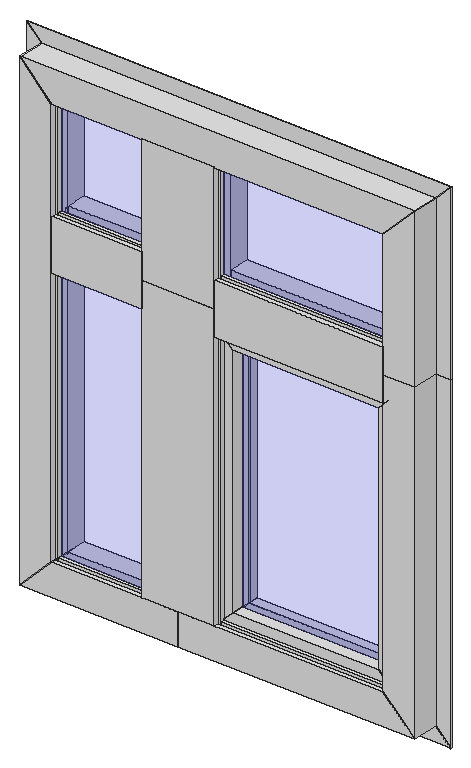
Revit family "511_CP-UT_nailfin", category Windows, host Wall, Revit 2016
Family settings
  Host = Wall
  OmniClass Number = 23.30.20.00
  OmniClass Title = Windows
  Always vertical = Yes
  Cut with Voids When Loaded = No
  Shared = No
  Room Calculation Point = No
Parameters (values of type "30x36")
  VBS = 18"
  MLW4 = 1 / 8 * (Width - VBS)  # 1 1/2"
  MLW3 = 1 / 8 * HBS  # 1 1/2"
  MLW2 = 3.281"
  MLW1 = 2.842"
  MLH = 1 / 2 * (Height - HBS)  # 12"
  Interior Color [instance] = White
  Height = 36"
  HBS = 12"
  Exterior Color [instance] = White
  Default Sill Height = 31.49606"
  Wall Closure = By host
  Width = 30"
  CH [instance] = 24"
Reference planes (in)
  plane 1 "Center (Front/Back)": y = 0
  plane 2 "Center (Left/Right)": x = 0
  plane 3 "Left": x = -15
  plane 4 "Right": x = 15
  plane 5 "Sill": z = 31.49606
  plane 6 "Head": z = 67.49606
  plane 7 "Exterior": y = 3.93701
  plane 8 "Interior": y = -3.93701
  plane 9 "Front of wall": y = 3.93701
  plane 10 "HBS": z = 55.49606
  plane 11 "VBS": x = -3
  plane 12: x = -12.939
  plane 13: z = 53.87406
  plane 14: x = -12.938
  plane 15: x = -5.436
  plane 16: x = -0.562
  plane 17: x = 12.959
  plane 18: z = 34.27706
  plane 19: z = 53.15406
  plane 20: z = 57.11806
  plane 21: z = 65.43306
  plane 22: x = 0.12688
  plane 23: x = -6.12112
  plane 24: x = 12.2515
  plane 25: x = -12.2505
  plane 26: x = 0.62788
  plane 27: x = 11.7505
  plane 28: z = 57.12006
  plane 29: z = 53.87306
  plane 30: z = 33.55906
  plane 31 "Front of glass": y = 4.19401
Forms (in)
  Extrusion 1, solid, material "White" <- "Interior Color"
    sketch origin (0, 0, 67.49606) x (0, -1, 0) y (1, 0, 0)
      loop
        line (-1.88701, -0.24662) -> (-2.26201, -0.24662) -> (-2.26201, -0.05862) -> (-2.56201, -0.05862) -> (-2.56201, 0.62788) -> (-3.44951, 0.62788) -> (-3.44951, 0.12688) -> (-4.19401, 0.12688) -> (-4.19401, 0.59018) -> (-4.23201, 0.56588) -> (-4.97201, 0.56588) -> (-4.97201, 0.00288) -> (-5.01201, 0.00288) -> (-5.01201, -2.00073) -> (-5.38701, -2.05343) -> (-5.38701, -3.94657) -> (-4.78995, -4.01972) -> (-4.78995, -5.93697) -> (-3.25701, -5.93697) -> (-3.25701, -5.436) -> (-2.51251, -5.436) -> (-2.51251, -5.93697) -> (-2.26201, -5.93697) -> (-2.26201, -5.74688) -> (-1.88701, -5.74688) -> (-1.88701, -0.24662)
    from -12 to -36
  Extrusion 2, solid, material "White" <- "Interior Color"
    sketch origin (0, 0, 67.49606) x (0, -1, 0) y (1, 0, 0)
      loop
        line (-5.10865, 14.98) -> (-5.26201, 14.98) -> (-5.26201, 15.02) -> (-5.38701, 15.02) -> (-5.38701, 14.43181) -> (-5.01201, 14.37911) -> (-5.01201, 12.3755) -> (-4.97201, 12.34787) -> (-4.97201, 11.8125) -> (-4.23201, 11.8125) -> (-4.19401, 11.7882) -> (-4.19401, 12.2515) -> (-3.44951, 12.2515) -> (-3.44951, 11.7505) -> (-2.56201, 11.7505) -> (-2.56201, 12.437) -> (-2.26201, 12.437) -> (-2.26201, 12.625) -> (-1.88701, 12.625) -> (-1.88701, 15) -> (-3.93701, 15) -> (-3.93701, 16.125) -> (-4.01201, 16.125) -> (-4.01201, 15) -> (-5.07401, 15) -> (-5.10865, 14.98)
    from -37.125 to -12
  Sweep 3, void
    path in 3D
      loop
        line (13.17075, 10.88071, 67.49606) -> (13.17075, 3.93701, 67.49606)
    profile origin (13.17075, 7.40886, 67.49606) x (1, 0, 0) y (0, 0, 1)
      loop
        line (3.54739, 1.71815) -> (1.17713, -0.65211) -> (1.17713, -4.53185) -> (3.54739, -4.53185) -> (3.54739, 1.71815)
  Sweep 4, void
    path in 3D
      loop
        line (13.17075, 10.88071, 67.49606) -> (13.17075, 3.93701, 67.49606)
    profile origin (13.17075, 7.40886, 67.49606) x (1, 0, 0) y (0, 0, 1)
      loop
        line (3.40665, 1.5774) -> (-2.70261, 1.5774) -> (-2.70261, -2.56621) -> (1.17713, -2.56621) -> (1.17713, -0.65211) -> (3.40665, 1.5774)
  Sweep 5, void
    path in 3D
      loop
        line (-4.37003, 11.0544, 67.49606) -> (-4.37003, 3.93701, 67.49606)
    profile origin (-4.37003, 7.4957, 67.49606) x (1, 0, 0) y (0, 0, 1)
      loop
        line (5.19525, -2.56621) -> (5.19525, 2.90913) -> (-2.93212, 2.90913) -> (-2.93212, -2.56621) -> (0.34293, -2.56621) -> (0.34293, -0.56819) -> (2.39713, -0.56819) -> (2.39713, -2.56621) -> (5.19525, -2.56621)
  Sweep 6, void
    path in 3D
      loop
        line (-10.97699, 10.03798, 67.49606) -> (-10.97699, 3.93701, 67.49606)
    profile origin (-10.97699, 6.98749, 67.49606) x (1, 0, 0) y (0, 0, 1)
      loop
        line (-6, 1.97699) -> (-3.37089, -0.65211) -> (-3.37089, -2.56621) -> (0, -2.56621) -> (0, 1.97699) -> (-6, 1.97699)
  Sweep 7, void
    path in 3D
      loop
        line (-10.97699, 10.03798, 67.49606) -> (-10.97699, 3.93701, 67.49606)
    profile origin (-10.97699, 6.98749, 67.49606) x (1, 0, 0) y (0, 0, 1)
      loop
        line (-5.69826, 1.67525) -> (-5.69826, -3.82475) -> (-3.37089, -3.82475) -> (-3.37089, -0.65211) -> (-5.69826, 1.67525)
  Sweep 8, void
    path in 3D
      loop
        line (-10.22699, 10.03798, 31.49606) -> (-10.22699, 3.93701, 31.49606)
    profile origin (-10.22699, 6.98749, 31.49606) x (1, 0, 0) y (0, 0, 1)
      loop
        line (-7.19826, -2.42525) -> (-0.94826, -2.42525) -> (-0.94826, 2.56621) -> (-4.12091, 2.56621) -> (-4.12091, 0.6521) -> (-7.19826, -2.42525)
  Sweep 9, void
    path in 3D
      loop
        line (-10.22699, 10.03798, 31.49606) -> (-10.22699, 3.93701, 31.49606)
    profile origin (-10.22699, 6.98749, 31.49606) x (1, 0, 0) y (0, 0, 1)
      loop
        line (-7.12503, -2.35203) -> (-4.12091, 0.6521) -> (-4.12091, 3.64797) -> (-7.12503, 3.64797) -> (-7.12503, -2.35203)
  Sweep 10, void
    path in 3D
      loop
        line (13.73886, 10.73342, 31.49606) -> (13.73886, 3.93701, 31.49606)
    profile origin (13.73886, 7.33521, 31.49606) x (1, 0, 0) y (0, 0, 1)
      loop
        line (-2.17869, 3.43969) -> (-2.17869, -2.56031) -> (3.82131, -2.56031) -> (-2.17869, 3.43969)
  Sweep 11, void
    path in 3D
      loop
        line (13.73886, 10.73342, 31.49606) -> (13.73886, 3.93701, 31.49606)
    profile origin (13.73886, 7.33521, 31.49606) x (1, 0, 0) y (0, 0, 1)
      loop
        line (-2.239, 3.5) -> (3.1142, -1.8532) -> (3.1142, 3.5) -> (-2.239, 3.5)
  Sweep 12, void
    path in 3D
      loop
        line (14.01239, 10.60718, 55.49606) -> (14.01239, 3.93701, 55.49606)
    profile origin (14.01239, 7.27209, 55.49606) x (1, 0, 0) y (0, 0, 1)
      loop
        line (0.41942, 0.13119) -> (0.33551, 0.2151) -> (0.33551, 2.12735) -> (-2.89836, 2.12735) -> (-2.89836, -3.47847) -> (0.36672, -0.21339) -> (0.36672, -0.14043) -> (0.41942, -0.14043) -> (0.41942, 0.13119)
  Extrusion 13, void
    sketch origin (0, 3.93701, 0) x (1, 0, 0) y (0, 0, 1)
      loop
        line (-11.42787, 58.6627) -> (-17.65239, 58.6627) -> (-17.65239, 52.31006) -> (-11.4065, 52.31006) -> (-12.437, 53.34056) -> (-12.437, 53.56006) -> (-12.625, 53.56006) -> (-12.625, 57.43406) -> (-12.437, 57.43406) -> (-12.437, 57.65356) -> (-11.42787, 58.6627)
    from 0 to 12
  Extrusion 14, void
    sketch origin (0, 3.93701, 0) x (1, 0, 0) y (0, 0, 1)
      loop
        line (-7.05331, 58.77225) -> (-5.93462, 57.65356) -> (-5.93462, 57.43406) -> (-5.74662, 57.43406) -> (-5.74662, 53.56006) -> (-5.938, 53.56006) -> (-5.938, 53.33718) -> (-7.21512, 52.06006) -> (1.22188, 52.06006) -> (-0.06065, 53.34259) -> (-0.06065, 53.56006) -> (-0.25, 53.56006) -> (-0.25, 57.43406) -> (-0.05862, 57.43406) -> (-0.05862, 57.65356) -> (1.06007, 58.77225) -> (-7.05331, 58.77225)
    from 0 to 12
  Extrusion 15, void
    sketch origin (0, 3.93701, 0) x (1, 0, 0) y (0, 0, 1)
      loop
        line (0.8907, 52.39125) -> (0.8907, 54.09259) -> (-0.06065, 54.09259) -> (-0.06065, 53.34259) -> (0.8907, 52.39125)
    from 0 to 12
  Extrusion 16, void
    sketch origin (0, 3.93701, 0) x (1, 0, 0) y (0, 0, 1)
      loop
        line (12.437, 58.18406) -> (12.437, 57.43406) -> (12.625, 57.43406) -> (12.625, 53.56006) -> (12.437, 53.56006) -> (12.437, 53.34056) -> (11.4065, 52.31006) -> (16.44231, 52.31006) -> (16.44231, 58.18406) -> (12.437, 58.18406)
    from 0 to 12
  Extrusion 17, void
    sketch origin (0, 3.93701, 0) x (1, 0, 0) y (0, 0, 1)
      loop
        line (10.687, 51.59056) -> (12.437, 53.34056) -> (12.437, 54.19666) -> (10.687, 54.19666) -> (10.687, 51.59056)
    from 0 to 12
  Extrusion 18, void
    sketch origin (0, 3.93701, 0) x (1, 0, 0) y (0, 0, 1)
      loop
        line (-6.87098, 65.12106) -> (0.94138, 65.12106) -> (0.94138, 68.84856) -> (-6.87098, 68.84856) -> (-6.87098, 65.12106)
    from 0 to 12
  Extrusion 19, void
    sketch origin (0, 3.93701, 0) x (1, 0, 0) y (0, 0, 1)
      loop
        line (1.35902, 63.48392) -> (-0.05865, 64.90159) -> (-0.05865, 65.12106) -> (-5.93935, 65.12106) -> (-5.93935, 63.48392) -> (1.35902, 63.48392)
    from 0 to 12
  Extrusion 20, void
    sketch origin (0, 3.93701, 0) x (1, 0, 0) y (0, 0, 1)
      loop
        line (-5.938, 34.09394) -> (-5.938, 33.87106) -> (-0.062, 33.87106) -> (-0.062, 34.08718) -> (1.20232, 35.35151) -> (-7.19557, 35.35151) -> (-5.938, 34.09394)
    from 0 to 12
  Extrusion 21, void
    sketch origin (0, 3.93701, 0) x (1, 0, 0) y (0, 0, 1)
      loop
        line (-7.188, 29.62106) -> (0.938, 29.62106) -> (0.938, 35.08718) -> (-0.062, 34.08718) -> (-0.062, 33.87106) -> (-7.188, 33.87106) -> (-7.188, 29.62106)
    from 0 to 12
  Extrusion 22, void
    sketch origin (0, 3.93701, 0) x (1, 0, 0) y (0, 0, 1)
      loop
        line (12.43365, 33.87106) -> (12.625, 33.87106) -> (18.04893, 28.44714) -> (18.04893, 35.73265) -> (10.79492, 35.73265) -> (12.43365, 34.09392) -> (12.43365, 33.87106)
    from 0 to 12
  Extrusion 23, void
    sketch origin (0, 3.93701, 0) x (1, 0, 0) y (0, 0, 1)
      loop
        line (18.75, 27.74606) -> (12.625, 33.87106) -> (12.43365, 33.87106) -> (12.43365, 34.09392) -> (11.21079, 35.31678) -> (11.21079, 27.74606) -> (18.75, 27.74606)
    from 0 to 12
  Extrusion 24, void
    sketch origin (0, 3.93701, 0) x (1, 0, 0) y (0, 0, 1)
      loop
        line (-12.437, 34.09056) -> (-11.19362, 35.33394) -> (-16.41616, 35.33394) -> (-16.41616, 30.0799) -> (-12.625, 33.87106) -> (-12.437, 33.87106) -> (-12.437, 34.09056)
    from 0 to 12
  Extrusion 25, void
    sketch origin (0, 3.93701, 0) x (1, 0, 0) y (0, 0, 1)
      loop
        line (-12.437, 33.87106) -> (-12.625, 33.87106) -> (-17.25, 29.24606) -> (-11.437, 29.24606) -> (-11.437, 35.09056) -> (-12.437, 34.09056) -> (-12.437, 33.87106)
    from 0 to 12
  Extrusion 26, void
    sketch origin (0, 3.93701, 0) x (1, 0, 0) y (0, 0, 1)
      loop
        line (-11.32161, 63.78617) -> (-12.437, 64.90156) -> (-12.437, 65.12106) -> (-12.625, 65.12106) -> (-17.52619, 70.02225) -> (-17.52619, 63.78617) -> (-11.32161, 63.78617)
    from 0 to 12
  Extrusion 27, void
    sketch origin (0, 3.93701, 0) x (1, 0, 0) y (0, 0, 1)
      loop
        line (-11.55698, 64.02154) -> (-11.55698, 69.84689) -> (-17.35083, 69.84689) -> (-12.625, 65.12106) -> (-12.437, 65.12106) -> (-12.437, 64.90156) -> (-11.55698, 64.02154)
    from 0 to 12
  Extrusion 28, void
    sketch origin (0, 3.93701, 0) x (1, 0, 0) y (0, 0, 1)
      loop
        line (11.33848, 63.80304) -> (18.01951, 63.80304) -> (18.01951, 70.51557) -> (12.625, 65.12106) -> (12.437, 65.12106) -> (12.437, 64.90156) -> (11.33848, 63.80304)
    from 0 to 12
  Extrusion 29, void
    sketch origin (0, 3.93701, 0) x (1, 0, 0) y (0, 0, 1)
      loop
        line (11.35412, 63.81868) -> (12.43565, 64.90021) -> (12.43565, 65.12106) -> (12.625, 65.12106) -> (17.53276, 70.02882) -> (11.35412, 70.02882) -> (11.35412, 63.81868)
    from 0 to 12
  Sweep 30, void
    path in 3D
      loop
        line (14.01239, 10.60718, 55.49606) -> (14.01239, 3.93701, 55.49606)
    profile origin (14.01239, 7.27209, 55.49606) x (1, 0, 0) y (0, 0, 1)
      loop
        line (-3.00651, -3.58662) -> (2.96457, -3.58662) -> (2.96457, 2.72308) -> (0.41942, 2.72308) -> (0.41942, -0.14134) -> (0.36672, -0.21339) -> (-3.00651, -3.58662)
  Sweep 31, void
    path in 3D
      loop
        line (-1.52951, 10.57046, 55.49606) -> (-1.52951, 3.93701, 55.49606)
    profile origin (-1.52951, 7.25373, 55.49606) x (1, 0, 0) y (0, 0, 1)
      loop
        line (2.32785, -3.01246) -> (2.32785, 2.12735) -> (-0.44339, 2.12735) -> (-0.44339, 0.2151) -> (-0.5273, 0.13119) -> (-0.5273, -0.14043) -> (-0.44339, -0.14043) -> (-0.44339, -0.24122) -> (2.32785, -3.01246)
  Sweep 32, void
    path in 3D
      loop
        line (-1.52951, 10.57046, 55.49606) -> (-1.52951, 3.93701, 55.49606)
    profile origin (-1.52951, 7.25373, 55.49606) x (1, 0, 0) y (0, 0, 1)
      loop
        line (-6.02599, -3.77638) -> (3.09177, -3.77638) -> (-0.44339, -0.24122) -> (-0.44339, -0.18189) -> (-0.52392, -0.13257) -> (-2.41706, -0.13257) -> (-2.49759, -0.2131) -> (-2.49759, -0.24798) -> (-6.02599, -3.77638)
  Sweep 33, void
    path in 3D
      loop
        line (-1.52951, 10.57046, 55.49606) -> (-1.52951, 3.93701, 55.49606)
    profile origin (-1.52951, 7.25373, 55.49606) x (1, 0, 0) y (0, 0, 1)
      loop
        line (-2.41368, 0.16607) -> (-2.49759, 0.2151) -> (-2.49759, 2.12735) -> (-5.82246, 2.12735) -> (-5.82246, -2.12721) -> (-2.49759, -2.12721) -> (-2.49759, -0.14043) -> (-2.41368, -0.14043) -> (-2.41368, 0.16607)
  Sweep 34, void
    path in 3D
      loop
        line (-9.47699, 10.03798, 55.49606) -> (-9.47699, 3.93701, 55.49606)
    profile origin (-9.47699, 6.98749, 55.49606) x (1, 0, 0) y (0, 0, 1)
      loop
        line (-4.95482, 0.13119) -> (-4.95482, -0.21411) -> (-4.87091, -0.21411) -> (-4.87091, -2.124) -> (-1.90211, -2.124) -> (-1.90211, 2.12735) -> (-4.87091, 2.12735) -> (-4.87091, 0.2151) -> (-4.95482, 0.13119)
  Sweep 35, void
    path in 3D
      loop
        line (-9.47699, 10.03798, 55.49606) -> (-9.47699, 3.93701, 55.49606)
    profile origin (-9.47699, 6.98749, 55.49606) x (1, 0, 0) y (0, 0, 1)
      loop
        line (-6.90211, -3.21339) -> (-5.15211, -3.21339) -> (-5.15211, 2.94078) -> (-6.90211, 2.94078) -> (-6.90211, -3.21339)
  Sweep 36, void
    path in 3D
      loop
        line (-2.26594, 10.75983, 31.49606) -> (-2.26594, 3.93701, 31.49606)
    profile origin (-2.26594, 7.34842, 31.49606) x (1, 0, 0) y (0, 0, 1)
      loop
        line (3.21251, -2.28495) -> (3.21251, 3.59969) -> (0.21251, 0.59969) -> (0.21251, 0.56819) -> (-1.75378, 0.56819) -> (-1.75378, 2.56621) -> (-4.93149, 2.56621) -> (-4.93149, -2.28495) -> (3.21251, -2.28495)
  Extrusion 37, solid, material "White" <- "Interior Color"
    sketch origin (0, 0, 67.49606) x (0, -1, 0) y (1, 0, 0)
      loop
        line (-5.1169, -14.98) -> (-5.07401, -15) -> (-4.01201, -15) -> (-4.01201, -16.125) -> (-3.93701, -16.125) -> (-3.93701, -15) -> (-1.88701, -15) -> (-1.88701, -12.625) -> (-2.26201, -12.625) -> (-2.26201, -12.437) -> (-2.51251, -12.437) -> (-2.51251, -12.938) -> (-3.25701, -12.938) -> (-3.25701, -12.437) -> (-4.78995, -12.437) -> (-4.78995, -14.3479) -> (-5.38701, -14.43181) -> (-5.38701, -15.02) -> (-5.26201, -15.02) -> (-5.26201, -14.98) -> (-5.1169, -14.98)
    from 1.125 to -37.125
  Extrusion 38, solid, material "White" <- "Interior Color"
    sketch origin (0, 0, 115.49606) x (0, -1, 0) y (1, 0, 0)
      loop
        line (-4.78995, -1.9729) -> (-5.38701, -2.05681) -> (-5.38701, -3.94319) -> (-4.78995, -4.0271) -> (-4.78995, -5.93935) -> (-3.25701, -5.93935) -> (-3.25701, -5.436) -> (-2.51251, -5.436) -> (-2.51251, -5.93935) -> (-2.26201, -5.93935) -> (-2.26201, -5.75) -> (-1.88701, -5.75) -> (-1.88701, -0.25) -> (-2.26201, -0.25) -> (-2.26201, -0.062) -> (-2.51251, -0.062) -> (-2.51251, -0.562) -> (-3.25701, -0.562) -> (-3.25701, -0.05865) -> (-4.78995, -0.05865) -> (-4.78995, -1.9729)
    from -48 to -60
  Extrusion 39, solid, material "White" <- "Interior Color"
    sketch origin (0, 0, 67.49606) x (0, -1, 0) y (1, 0, 0)
      loop
        line (-5.10257, 14.98) -> (-5.26201, 14.98) -> (-5.26201, 15.02) -> (-5.38701, 15.02) -> (-5.38701, 14.43181) -> (-4.78995, 14.3479) -> (-4.78995, 12.43565) -> (-3.25701, 12.43565) -> (-3.25701, 12.939) -> (-2.51251, 12.939) -> (-2.51251, 12.43565) -> (-2.26201, 12.43565) -> (-2.26201, 12.625) -> (-1.88701, 12.625) -> (-1.88701, 15) -> (-3.93701, 15) -> (-3.93701, 16.125) -> (-4.01201, 16.125) -> (-4.01201, 15) -> (-5.07401, 15) -> (-5.10257, 14.98)
    from 1.125 to -12
  Extrusion 40, solid, material "White" <- "Interior Color"
    sketch origin (0, 0, 0) x (0, 1, 0) y (0, 0, 1)
      loop
        line (5.10257, 31.51606) -> (5.26201, 31.51606) -> (5.26201, 31.47606) -> (5.38701, 31.47606) -> (5.38701, 32.06425) -> (5.01201, 32.11684) -> (5.01201, 34.15206) -> (4.97201, 34.15206) -> (4.97201, 34.71516) -> (4.23197, 34.71516) -> (4.19401, 34.73939) -> (4.19401, 34.27706) -> (3.44951, 34.27706) -> (3.44951, 34.77706) -> (2.56201, 34.77706) -> (2.56201, 34.05906) -> (2.26201, 34.05906) -> (2.26201, 33.87106) -> (1.88701, 33.87106) -> (1.88701, 31.49606) -> (3.93701, 31.49606) -> (3.93701, 30.37106) -> (4.01201, 30.37106) -> (4.01201, 31.49606) -> (5.07401, 31.49606) -> (5.10257, 31.51606)
    from 16.125 to -3
  Extrusion 41, solid, material "White" <- "Interior Color"
    sketch origin (0, 0, 0) x (0, 1, 0) y (0, 0, 1)
      loop
        line (1.88701, 53.56006) -> (2.26201, 53.56006) -> (2.26201, 53.37206) -> (2.56201, 53.37206) -> (2.56201, 52.65406) -> (3.44951, 52.65406) -> (3.44951, 53.15406) -> (4.19401, 53.15406) -> (4.19401, 52.69177) -> (4.23201, 52.71606) -> (4.97201, 52.71606) -> (4.97201, 53.27906) -> (5.01201, 53.27906) -> (5.01201, 55.31417) -> (5.30701, 55.35563) -> (5.30701, 55.6365) -> (4.78995, 55.71116) -> (4.78995, 57.62342) -> (3.25701, 57.62342) -> (3.25701, 57.11806) -> (2.51251, 57.11806) -> (2.51251, 57.62206) -> (2.26201, 57.62206) -> (2.26201, 57.43406) -> (1.88701, 57.43406) -> (1.88701, 53.56006)
    from 15 to -3
  Extrusion 42, solid, material "White" <- "Interior Color"
    sketch origin (0, 0, 0) x (0, 1, 0) y (0, 0, 1)
      loop
        line (5.10865, 67.47606) -> (5.07401, 67.49606) -> (4.01201, 67.49606) -> (4.01201, 68.62106) -> (3.93701, 68.62106) -> (3.93701, 67.49606) -> (1.88701, 67.49606) -> (1.88701, 65.12106) -> (2.26201, 65.12106) -> (2.26201, 64.93306) -> (2.51251, 64.93306) -> (2.51251, 65.43306) -> (3.25701, 65.43306) -> (3.25701, 64.92985) -> (4.78987, 64.92985) -> (4.78987, 66.84395) -> (5.38701, 66.92787) -> (5.38701, 67.51606) -> (5.26201, 67.51606) -> (5.26201, 67.47606) -> (5.10865, 67.47606)
    from -16.125 to 16.125
  Sweep 43, void
    path in 3D
      loop
        line (-2.26594, 10.75983, 31.49606) -> (-2.26594, 3.93701, 31.49606)
    profile origin (-2.26594, 7.34842, 31.49606) x (1, 0, 0) y (0, 0, 1)
      loop
        line (-5.14147, 4.06729) -> (-1.68063, 0.60645) -> (0.21927, 0.60645) -> (3.68011, 4.06729) -> (-5.14147, 4.06729)
  Extrusion 44, solid, material "Glass"
    sketch origin (0, 0, 0) x (0, 1, 0) y (0, 0, 1)
      loop
        line (3.25701, 65.43306) -> (2.51251, 65.43306) -> (2.51251, 57.11806) -> (3.25701, 57.11806) -> (3.25701, 65.43306)
    from -12.938 to -5.436
  Extrusion 45, solid, material "Glass"
    sketch origin (0, 0, 0) x (0, 1, 0) y (0, 0, 1)
      loop
        line (4.19401, 34.27706) -> (4.19401, 53.15406) -> (3.44951, 53.15406) -> (3.44951, 34.27706) -> (4.19401, 34.27706)
    from 12.2515 to 0.12688
  Extrusion 46, solid, material "Glass"
    sketch origin (0, 0, 0) x (0, 1, 0) y (0, 0, 1)
      loop
        line (3.25701, 57.11806) -> (3.25701, 65.43306) -> (2.51251, 65.43306) -> (2.51251, 57.11806) -> (3.25701, 57.11806)
    from 12.959 to -0.562
  Extrusion 47, solid, material "Glass"
    sketch origin (0, 0, 31.49606) x (0, -1, 0) y (1, 0, 0)
      loop
        line (-3.25701, -5.436) -> (-3.25701, -12.938) -> (-2.51251, -12.938) -> (-2.51251, -5.436) -> (-3.25701, -5.436)
    from 2.063 to 22.377
  Extrusion 48, solid, material "White" <- "Interior Color"
    sketch origin (-3, 0, 0) x (0, 0, 1) y (0, 1, 0)
      loop
        line (53.55906, 2.26197) -> (53.55906, 1.88697) -> (57.43306, 1.88697) -> (57.43306, 2.26197) -> (57.62106, 2.26197) -> (57.62006, 2.51247) -> (57.12006, 2.51247) -> (57.12006, 3.25697) -> (57.62285, 3.25697) -> (57.62285, 4.78995) -> (55.71017, 4.78995) -> (55.6375, 5.30697) -> (55.35463, 5.30697) -> (55.28195, 4.78984) -> (53.36885, 4.78984) -> (53.36885, 3.25697) -> (53.87306, 3.25697) -> (53.87306, 2.51247) -> (53.37206, 2.51247) -> (53.37206, 2.26197) -> (53.55906, 2.26197)
    from 0 to 12
  Extrusion 49, solid, material "White" <- "Interior Color"
    sketch origin (-3, 0, 0) x (0, 0, 1) y (0, 1, 0)
      loop
        line (31.51606, 5.10865) -> (31.49606, 5.07401) -> (31.49606, 4.01201) -> (30.37106, 4.01201) -> (30.37106, 3.93701) -> (31.49606, 3.93701) -> (31.49606, 1.88701) -> (33.87106, 1.88701) -> (33.87106, 2.26201) -> (34.05906, 2.26201) -> (34.05906, 2.51251) -> (33.55906, 2.51251) -> (33.55906, 3.25701) -> (34.06228, 3.25701) -> (34.06228, 4.78987) -> (32.14817, 4.78987) -> (32.06425, 5.38701) -> (31.47606, 5.38701) -> (31.47606, 5.26201) -> (31.51606, 5.26201) -> (31.51606, 5.10865)
    from 0 to 13.125
Cuts and joins
  Sweep 4, Sweep 10, Sweep 12, Extrusion 17, Extrusion 23, Extrusion 29 cuts Extrusion 2
  Sweep 5, Extrusion 15, Extrusion 18, Extrusion 21, Sweep 31, Sweep 33, Sweep 36 cuts Extrusion 1
  Sweep 3, Sweep 7, Extrusion 19, Extrusion 26, Extrusion 28 cuts Extrusion 42
  Sweep 6, Sweep 8, Extrusion 25, Extrusion 27, Sweep 34 cuts Extrusion 37
  Sweep 4, Sweep 12, Extrusion 29 cuts Extrusion 39
  Sweep 9, Sweep 11, Extrusion 20, Extrusion 22, Extrusion 24, Sweep 43 cuts Extrusion 40
  Extrusion 13, Extrusion 14, Extrusion 16, Sweep 30, Sweep 32, Sweep 35 cuts Extrusion 41
  Sweep 5, Extrusion 18, Sweep 31, Sweep 33 cuts Extrusion 38
  Extrusion 13, Extrusion 14, Sweep 35 cuts Extrusion 48
  Sweep 9, Extrusion 20, Extrusion 24 cuts Extrusion 49
Lines and regions (in)
  Opening 1
    outline origin (137.79528, -3.93701, 0) x (1, 0, 0) y (0, 0, 1)
      loop
        line (-122.79528, 31.49606) -> (-122.79528, 67.49606) -> (-152.79528, 67.49606) -> (-152.79528, 31.49606) -> (-122.79528, 31.49606)
  reference lines
    curve 1: line (-10.97699, 10.03798, 67.49606) -> (-10.97699, 3.93701, 67.49606)
    curve 2: line (-10.22699, 10.03798, 31.49606) -> (-10.22699, 3.93701, 31.49606)
    curve 3: line (-9.47699, 10.03798, 55.49606) -> (-9.47699, 3.93701, 55.49606)
    curve 4: line (-4.37003, 11.0544, 67.49606) -> (-4.37003, 3.93701, 67.49606)
    curve 5: line (-2.26594, 10.75983, 31.49606) -> (-2.26594, 3.93701, 31.49606)
    curve 6: line (-1.52951, 10.57046, 55.49606) -> (-1.52951, 3.93701, 55.49606)
    curve 7: line (13.17075, 10.88071, 67.49606) -> (13.17075, 3.93701, 67.49606)
    curve 8: line (13.73886, 10.73342, 31.49606) -> (13.73886, 3.93701, 31.49606)
    curve 9: line (14.01239, 10.60718, 55.49606) -> (14.01239, 3.93701, 55.49606)
    curve 28: line (0.62788, 3.93701, 34.77706) -> (11.7505, 3.93701, 43.49606)
    curve 29: line (11.7505, 3.93701, 43.49606) -> (0.62788, 3.93701, 52.65406)
    curve 32: line (-6.5, 3.93701, 63.99606) -> (-11.5, 3.93701, 63.99606)
    curve 33: line (-6.5, 3.93701, 58.99606) -> (-6.5, 3.93701, 63.99606)
    curve 34: line (-11.5, 3.93701, 58.99606) -> (-6.5, 3.93701, 58.99606)
    curve 35: line (-11.5, 3.93701, 63.99606) -> (-11.5, 3.93701, 58.99606)
    curve 39: line (-9, 3.93701, 58.99606) -> (-9, 3.93701, 65.49606)
    curve 40: line (-6.5, 3.93701, 61.49606) -> (-14, 3.93701, 61.49606)
    curve 41: line (-6.5, 3.93701, 45.99606) -> (-11.5, 3.93701, 45.99606)
    curve 42: line (-6.5, 3.93701, 40.99606) -> (-6.5, 3.93701, 45.99606)
    curve 43: line (-11.5, 3.93701, 40.99606) -> (-6.5, 3.93701, 40.99606)
    curve 44: line (-11.5, 3.93701, 45.99606) -> (-11.5, 3.93701, 40.99606)
    curve 48: line (-9, 3.93701, 40.99606) -> (-9, 3.93701, 47.49606)
    curve 49: line (-6.5, 3.93701, 43.49606) -> (-14, 3.93701, 43.49606)
    curve 50: line (8.5, 3.93701, 63.99606) -> (3.5, 3.93701, 63.99606)
    curve 51: line (8.5, 3.93701, 58.99606) -> (8.5, 3.93701, 63.99606)
    curve 52: line (3.5, 3.93701, 58.99606) -> (8.5, 3.93701, 58.99606)
    curve 53: line (3.5, 3.93701, 63.99606) -> (3.5, 3.93701, 58.99606)
    curve 57: line (6, 3.93701, 58.99606) -> (6, 3.93701, 65.49606)
    curve 58: line (8.5, 3.93701, 61.49606) -> (1, 3.93701, 61.49606)
  sketch lines
    curve 10: line (13.17075, 10.88071, 67.49606) -> (13.17075, 3.93701, 67.49606)
    curve 11: line (13.17075, 10.88071, 67.49606) -> (13.17075, 3.93701, 67.49606)
    curve 12: line (-4.37003, 11.0544, 67.49606) -> (-4.37003, 3.93701, 67.49606)
    curve 13: line (-10.97699, 10.03798, 67.49606) -> (-10.97699, 3.93701, 67.49606)
    curve 14: line (-10.97699, 10.03798, 67.49606) -> (-10.97699, 3.93701, 67.49606)
    curve 15: line (-10.22699, 10.03798, 31.49606) -> (-10.22699, 3.93701, 31.49606)
    curve 16: line (-10.22699, 10.03798, 31.49606) -> (-10.22699, 3.93701, 31.49606)
    curve 17: line (13.73886, 10.73342, 31.49606) -> (13.73886, 3.93701, 31.49606)
    curve 18: line (13.73886, 10.73342, 31.49606) -> (13.73886, 3.93701, 31.49606)
    curve 19: line (14.01239, 10.60718, 55.49606) -> (14.01239, 3.93701, 55.49606)
    curve 20: line (14.01239, 10.60718, 55.49606) -> (14.01239, 3.93701, 55.49606)
    curve 21: line (-1.52951, 10.57046, 55.49606) -> (-1.52951, 3.93701, 55.49606)
    curve 22: line (-1.52951, 10.57046, 55.49606) -> (-1.52951, 3.93701, 55.49606)
    curve 23: line (-1.52951, 10.57046, 55.49606) -> (-1.52951, 3.93701, 55.49606)
    curve 24: line (-9.47699, 10.03798, 55.49606) -> (-9.47699, 3.93701, 55.49606)
    curve 25: line (-9.47699, 10.03798, 55.49606) -> (-9.47699, 3.93701, 55.49606)
    curve 26: line (-2.26594, 10.75983, 31.49606) -> (-2.26594, 3.93701, 31.49606)
    curve 27: line (-2.26594, 10.75983, 31.49606) -> (-2.26594, 3.93701, 31.49606)
  model lines
    curve 30: line (0.62788, 4.19401, 52.65406) -> (11.7505, 4.19401, 43.49606)
    curve 31: line (11.7505, 4.19401, 43.49606) -> (0.69796, 4.19401, 34.832)
    curve 36: line (-6.5, 3.93701, 63.99606) -> (-11.5, 3.93701, 58.99606)
    curve 37: line (-11.5, 3.93701, 61.49606) -> (-9, 3.93701, 63.99606)
    curve 38: line (-9, 3.93701, 58.99606) -> (-6.5, 3.93701, 61.49606)
    curve 45: line (-6.5, 3.93701, 45.99606) -> (-11.5, 3.93701, 40.99606)
    curve 46: line (-11.5, 3.93701, 43.49606) -> (-9, 3.93701, 45.99606)
    curve 47: line (-9, 3.93701, 40.99606) -> (-6.5, 3.93701, 43.49606)
    curve 54: line (8.5, 3.93701, 63.99606) -> (3.5, 3.93701, 58.99606)
    curve 55: line (3.5, 3.93701, 61.49606) -> (6, 3.93701, 63.99606)
    curve 56: line (6, 3.93701, 58.99606) -> (8.5, 3.93701, 61.49606)
Text (in)
  text "EXTERIOR" at (-77.29147, 52.45485, 0), in view "Ref. Level"
  text "INTERIOR" at (-78.01048, -32.21994, 0), in view "Ref. Level"
  text "Exterior" at (0, 36.36817, 115.8778), in view "Right"
  text "Exterior" at (0, 40.96394, 105.72475), in view "Left"
Dimensions and locks (in)
  equal spacing: plane 3 "Left", plane 2 "Center (Left/Right)", plane 4 "Right"
  "Width": plane 3 "Left" to plane 4 "Right"
  "Height": plane 5 "Sill" to plane 6 "Head"
  "Default Sill Height": plane 5 "Sill" to level
  locked: plane 7 "Exterior" to host wall at 0
  locked: plane 8 "Interior" to host wall
  "HBS": plane 10 "HBS" to plane 6 "Head"
  "VBS": plane 11 "VBS" to plane 4 "Right"
  locked: plane 11 "VBS" to Extrusion 1 sketch curve at 2.75338
  equal spacing: Extrusion 1 sketch curve, plane 11 "VBS", Extrusion 1 sketch curve
  locked: Extrusion 2 sketch curve to plane 9 "Front of wall" at 2.05
  locked: plane 4 "Right" to Extrusion 2 sketch curve at 1.125
  locked: Extrusion 2 sketch curve to Extrusion 2 sketch curve at 2.375
  locked: plane 3 "Left" to plane 12 at 2.061
  locked: plane 10 "HBS" to plane 13 at 1.622
  locked: plane 3 "Left" to Extrusion 37 sketch curve at 1.125
  locked: Extrusion 37 sketch curve to plane 9 "Front of wall" at 2.05
  locked: Extrusion 37 sketch curve to Extrusion 37 sketch curve at 2.375
  locked: Extrusion 38 sketch curve to plane 9 "Front of wall" at 2.05
  equal spacing: Extrusion 38 sketch curve, plane 11 "VBS", Extrusion 38 sketch curve
  locked: plane 11 "VBS" to Extrusion 38 sketch curve at 2.75
  locked: Extrusion 38 sketch curve to plane 11 "VBS" at 2.75
  locked: Extrusion 39 sketch curve to plane 4 "Right" at 1.125
  locked: Extrusion 39 sketch curve to plane 9 "Front of wall" at 2.05
  locked: Extrusion 39 sketch curve to Extrusion 39 sketch curve at 2.375
  locked: plane 21 to plane 6 "Head" at 2.063
  locked: plane 10 "HBS" to plane 20 at 1.622
  locked: plane 10 "HBS" to plane 19 at 2.342
  locked: plane 9 "Front of wall" to Extrusion 40 sketch curve at 2.05
  locked: Extrusion 40 sketch curve to Extrusion 40 sketch curve at 2.375
  locked: Extrusion 40 sketch curve to plane 5 "Sill" at 1.125
  locked: plane 9 "Front of wall" to Extrusion 41 sketch curve at 2.05
  locked: Extrusion 41 sketch curve to plane 10 "HBS" at 1.938
  locked: plane 10 "HBS" to Extrusion 41 sketch curve at 1.936
  equal spacing: Extrusion 41 sketch curve, plane 10 "HBS", Extrusion 41 sketch curve
  locked: plane 6 "Head" to Extrusion 42 sketch curve at 1.125
  locked: plane 9 "Front of wall" to Extrusion 42 sketch curve at 2.05
  locked: Extrusion 42 sketch curve to Extrusion 42 sketch curve at 2.375
  locked: plane 11 "VBS" to plane 16 at 2.438
  locked: plane 15 to plane 11 "VBS" at 2.436
  locked: plane 3 "Left" to plane 14 at 2.062
  locked: plane 17 to plane 4 "Right" at 2.041
  locked: plane 3 "Left" to plane 25 at 2.7495
  locked: plane 23 to plane 11 "VBS" at 3.12112
  locked: plane 11 "VBS" to plane 22 at 3.12688
  locked: plane 24 to plane 4 "Right" at 2.7485
  "MLH": plane 5 "Sill" to curve 29
  "MLW2": plane 5 "Sill" to curve 28
  "MLW1": curve 29 to plane 10 "HBS"
  "MLH": curve 28 to plane 10 "HBS"
  locked: plane 11 "VBS" to plane 26 at 3.62788
  locked: plane 27 to plane 4 "Right" at 3.2495
  locked: Extrusion 1 sketch curve to plane 11 "VBS" at 0.94657
  locked: Extrusion 1 sketch curve to plane 11 "VBS" at 2.74688
  locked: Extrusion 48 sketch curve to plane 10 "HBS" at 0.14143
  locked: plane 10 "HBS" to Extrusion 48 sketch curve at 0.14143
  locked: Extrusion 48 sketch curve to plane 10 "HBS" at 1.937
  locked: plane 10 "HBS" to Extrusion 48 sketch curve at 1.937
  locked: Extrusion 48 sketch curve to plane 9 "Front of wall" at 2.05004
  locked: plane 28 to plane 10 "HBS" at 1.624
  locked: plane 10 "HBS" to plane 29 at 1.623
  locked: Extrusion 49 sketch curve to plane 5 "Sill" at 1.125
  locked: Extrusion 49 sketch curve to Extrusion 49 sketch curve at 2.375
  locked: Extrusion 49 sketch curve to plane 9 "Front of wall" at 2.05
  locked: plane 30 to plane 5 "Sill" at 2.063
  locked: cut or joined group of Extrusion 1, Sweep 5, Extrusion 15, Extrusion 18, Extrusion 21, Sweep 31, Sweep 33, Sweep 36 to plane 11 "VBS" at 2.93697
  locked: plane 11 "VBS" to Extrusion 38 sketch curve at 2.94135
  locked: Extrusion 38 sketch curve to plane 11 "VBS" at 1.0271
  locked: plane 11 "VBS" to Extrusion 38 sketch curve at 1.0271
  locked: plane 31 "Front of glass" to plane 9 "Front of wall" at 0.257
  equal spacing: curve 37, curve 36, curve 38
  locked: curve 33 to curve 35 at 5
  locked: curve 34 to curve 32 at 5
  equal spacing: curve 35, curve 39, curve 33
  equal spacing: curve 34, curve 40, curve 32
  equal spacing: curve 46, curve 45, curve 47
  locked: curve 42 to curve 44 at 5
  locked: curve 43 to curve 41 at 5
  equal spacing: curve 44, curve 48, curve 42
  equal spacing: curve 43, curve 49, curve 41
  equal spacing: curve 55, curve 54, curve 56
  locked: curve 51 to curve 53 at 5
  locked: curve 52 to curve 50 at 5
  equal spacing: curve 53, curve 57, curve 51
  equal spacing: curve 52, curve 58, curve 50
  equal spacing: plane 10 "HBS", curve 40, plane 6 "Head"
  equal spacing: plane 10 "HBS", curve 58, plane 6 "Head"
  equal spacing: plane 11 "VBS", curve 57, plane 4 "Right"
  equal spacing: plane 3 "Left", curve 39, plane 11 "VBS"
  equal spacing: plane 5 "Sill", curve 49, plane 10 "HBS"
  equal spacing: plane 3 "Left", curve 48, plane 11 "VBS"
  "CH": plane 5 "Sill" to plane 10 "HBS"
  aligned and locked: plane 9 "Front of wall" to host wall
  aligned and locked: plane 9 "Front of wall" to Extrusion 2 sketch curve
  aligned and locked: Extrusion 2 sketch curve to plane 4 "Right"  (x2)
  aligned and locked: plane 9 "Front of wall" to curve 9
  aligned and locked: plane 9 "Front of wall" to curve 8
  aligned and locked: plane 9 "Front of wall" to curve 7
  aligned and locked: plane 9 "Front of wall" to curve 6
  aligned and locked: plane 9 "Front of wall" to curve 5
  aligned and locked: plane 9 "Front of wall" to curve 4
  aligned and locked: plane 9 "Front of wall" to curve 3
  aligned and locked: plane 9 "Front of wall" to curve 2
  aligned and locked: plane 9 "Front of wall" to curve 1
  aligned and locked: plane 14 to Extrusion 37 sketch curve
  aligned and locked: plane 9 "Front of wall" to Extrusion 37 sketch curve
  aligned and locked: plane 3 "Left" to Extrusion 37 sketch curve  (x2)
  aligned and locked: Extrusion 38 sketch curve to plane 15
  aligned and locked: plane 16 to Extrusion 38 sketch curve
  aligned and locked: Extrusion 39 sketch curve to plane 9 "Front of wall"
  aligned and locked: plane 4 "Right" to Extrusion 39 sketch curve  (x2)
  aligned and locked: plane 18 to Extrusion 40 sketch curve
  aligned and locked: Extrusion 40 sketch curve to plane 5 "Sill"  (x2)
  aligned and locked: Extrusion 40 sketch curve to plane 9 "Front of wall"
  aligned and locked: plane 19 to Extrusion 41 sketch curve
  aligned and locked: Extrusion 41 sketch curve to plane 20
  aligned and locked: Extrusion 42 sketch curve to plane 6 "Head"  (x2)
  aligned and locked: plane 21 to Extrusion 42 sketch curve
  aligned and locked: cut or joined group of Extrusion 2, Sweep 4, Sweep 10, Sweep 12, Extrusion 17, Extrusion 23, Extrusion 29 to Extrusion 40
  aligned and locked: Extrusion 40 to cut or joined group of Extrusion 2, Sweep 4, Sweep 10, Sweep 12, Extrusion 17, Extrusion 23, Extrusion 29
  aligned and locked: Extrusion 38 to plane 10 "HBS"
  aligned and locked: plane 10 "HBS" to cut or joined group of Extrusion 2, Sweep 4, Sweep 10, Sweep 12, Extrusion 17, Extrusion 23, Extrusion 29
  aligned and locked: Extrusion 39 to plane 10 "HBS"
  aligned and locked: Extrusion 41 to plane 4 "Right"
  aligned and locked: Extrusion 37 to Extrusion 42  (x2)
  aligned and locked: Extrusion 42 to Extrusion 39  (x2)
  aligned and locked: Extrusion 38 to plane 6 "Head"
  aligned and locked: Extrusion 44 sketch curve to plane 20
  aligned and locked: plane 21 to Extrusion 44 sketch curve
  aligned and locked: plane 18 to Extrusion 45 sketch curve
  aligned and locked: Extrusion 45 sketch curve to plane 19
  aligned and locked: plane 20 to Extrusion 46 sketch curve
  aligned and locked: Extrusion 46 sketch curve to plane 21
  aligned and locked: plane 24 to Extrusion 2 sketch curve
  aligned and locked: Extrusion 1 sketch curve to plane 22
  aligned and locked: plane 22 to Extrusion 45
  aligned and locked: Extrusion 45 to plane 24
  aligned and locked: Extrusion 44 to plane 14
  aligned and locked: Extrusion 44 to plane 15
  aligned and locked: Extrusion 46 to plane 16
  aligned and locked: Extrusion 46 to plane 17
  aligned and locked: plane 26 to curve 28
  aligned and locked: plane 26 to curve 29
  aligned and locked: plane 27 to curve 28
  aligned and locked: plane 27 to curve 29
  aligned and locked: curve 31 to curve 28
  aligned and locked: curve 30 to curve 29
  aligned and locked: plane 11 "VBS" to cut or joined group of Extrusion 13, Extrusion 14, Extrusion 16, Sweep 30, Sweep 32, Sweep 35, Extrusion 41
  aligned and locked: plane 11 "VBS" to cut or joined group of Sweep 9, Sweep 11, Extrusion 20, Extrusion 22, Extrusion 24, Extrusion 40, Sweep 43
  aligned and locked: Extrusion 1 sketch curve to plane 15
  aligned and locked: Extrusion 47 sketch curve to plane 14
  aligned and locked: Extrusion 47 sketch curve to plane 15
  aligned and locked: plane 29 to Extrusion 48 sketch curve
  aligned and locked: Extrusion 48 sketch curve to plane 28
  aligned and locked: plane 5 "Sill" to Extrusion 49 sketch curve  (x2)
  aligned and locked: plane 9 "Front of wall" to Extrusion 49 sketch curve
  aligned and locked: plane 30 to Extrusion 49 sketch curve
  aligned and locked: Extrusion 49 to cut or joined group of Sweep 6, Sweep 8, Extrusion 25, Extrusion 27, Sweep 34, Extrusion 37
  aligned and locked: Extrusion 49 to plane 11 "VBS"
  aligned and locked: Extrusion 48 to plane 11 "VBS"
  aligned and locked: plane 3 "Left" to Extrusion 48
  aligned and locked: cut or joined group of Sweep 9, Extrusion 20, Extrusion 24, Extrusion 49 to cut or joined group of Sweep 6, Sweep 8, Extrusion 25, Extrusion 27, Sweep 34, Extrusion 37
  aligned and locked: plane 29 to Extrusion 47
  aligned and locked: plane 5 "Sill" to cut or joined group of Extrusion 1, Sweep 5, Extrusion 15, Extrusion 18, Extrusion 21, Sweep 31, Sweep 33, Sweep 36
  aligned and locked: plane 10 "HBS" to cut or joined group of Extrusion 1, Sweep 5, Extrusion 15, Extrusion 18, Extrusion 21, Sweep 31, Sweep 33, Sweep 36
  aligned and locked: curve 32 to curve 35
  aligned and locked: curve 35 to curve 35
  aligned and locked: curve 33 to curve 33
  aligned and locked: curve 35 to curve 36
  aligned and locked: curve 36 to curve 32
  aligned and locked: curve 32 to curve 37
  aligned and locked: curve 35 to curve 37
  aligned and locked: curve 34 to curve 38
  aligned and locked: curve 33 to curve 38
  aligned and locked: curve 41 to curve 44
  aligned and locked: curve 44 to curve 44
  aligned and locked: curve 42 to curve 42
  aligned and locked: curve 44 to curve 45
  aligned and locked: curve 45 to curve 41
  aligned and locked: curve 41 to curve 46
  aligned and locked: curve 44 to curve 46
  aligned and locked: curve 43 to curve 47
  aligned and locked: curve 42 to curve 47
  aligned and locked: curve 50 to curve 53
  aligned and locked: curve 53 to curve 53
  aligned and locked: curve 51 to curve 51
  aligned and locked: curve 53 to curve 54
  aligned and locked: curve 54 to curve 50
  aligned and locked: curve 50 to curve 55
  aligned and locked: curve 53 to curve 55
  aligned and locked: curve 52 to curve 56
  aligned and locked: curve 51 to curve 56
Automatic sketch dimensions
  curve 3 to curve 3 = 6.10097"
  curve 6 to curve 6 = 6.63345"
  curve 9 to curve 9 = 6.67017"
  host wall to curve 1 = 6.10097"
  host wall to curve 7 = 6.9437"
  host wall to curve 4 = 7.11739"
  plane 4 "Right" to curve 9 = 0.98761"
  host wall to curve 2 = 6.10097"
  host wall to curve 8 = 6.79641"
  curve 5 to plane 11 "VBS" = 0.73406"
  host wall to curve 5 = 6.82282"
  Sweep 10 sketch curve to profile plane = 3.82131"
  Sweep 10 sketch curve to profile plane = 2.56031"
  profile plane to Sweep 10 sketch curve = 2.17869"
  profile plane to Sweep 10 sketch curve = 3.43969"
  plane 11 "VBS" to curve 4 = 1.37003"
  curve 6 to plane 11 "VBS" = 1.47049"
  plane 4 "Right" to curve 8 = 1.26114"
  curve 3 to plane 12 = 3.46201"
  curve 1 to plane 12 = 1.96201"
  curve 2 to plane 12 = 2.71201"
  plane 17 to curve 7 = 0.21175"
  profile plane to Sweep 11 sketch curve = 2.239"
  Sweep 11 sketch curve to profile plane = 3.1142"
  Sweep 11 sketch curve to profile plane = 1.8532"
  profile plane to Sweep 11 sketch curve = 3 1/2"
  profile plane to Sweep 43 sketch curve = 0.60645"
  profile plane to Sweep 43 sketch curve = 1.68063"
  Sweep 43 sketch curve to profile plane = 0.21927"
  profile plane to Sweep 43 sketch curve = 5.14147"
  Sweep 43 sketch curve to profile plane = 3.68011"
  profile plane to Sweep 43 sketch curve = 4.06729"
  profile plane to Sweep 5 sketch curve = 2.93212"
  Sweep 5 sketch curve to profile plane = 0.34293"
  Sweep 5 sketch curve to profile plane = 0.56819"
  Sweep 5 sketch curve to Sweep 5 sketch curve = 2.0542"
  Sweep 5 sketch curve to Sweep 5 sketch curve = 2.79812"
  Sweep 5 sketch curve to Sweep 5 sketch curve = 1.99803"
  profile plane to Sweep 5 sketch curve = 2.90913"
  Sweep 5 sketch curve to profile plane = 2.56621"
  Sweep 30 sketch curve to profile plane = 0.41942"
  Sweep 30 sketch curve to Sweep 30 sketch curve = 2.54515"
  Sweep 30 sketch curve to profile plane = 3.58662"
  profile plane to Sweep 30 sketch curve = 2.72308"
  profile plane to Sweep 30 sketch curve = 3.00651"
  Sweep 30 sketch curve to profile plane = 0.14134"
  Sweep 30 sketch curve to Sweep 30 sketch curve = 0.0527"
  Sweep 30 sketch curve to Sweep 30 sketch curve = 0.07205"
  profile plane to Sweep 12 sketch curve = 2.89836"
  Sweep 12 sketch curve to profile plane = 0.33551"
  Sweep 12 sketch curve to profile plane = 0.36672"
  profile plane to Sweep 12 sketch curve = 0.13119"
  Sweep 12 sketch curve to Sweep 12 sketch curve = 0.08391"  (x2)
  Sweep 12 sketch curve to profile plane = 0.21339"
  Sweep 12 sketch curve to Sweep 12 sketch curve = 1.91226"
  Sweep 12 sketch curve to Sweep 12 sketch curve = 0.07296"
  Sweep 12 sketch curve to profile plane = 3.47847"
  profile plane to Sweep 35 sketch curve = 2.94078"
  Sweep 32 sketch curve to profile plane = 0.24798"
  profile plane to Sweep 32 sketch curve = 2.49759"
  Sweep 32 sketch curve to profile plane = 0.13257"
  Sweep 32 sketch curve to Sweep 32 sketch curve = 0.08053"  (x2)
  profile plane to Sweep 32 sketch curve = 0.52392"
  Sweep 32 sketch curve to Sweep 32 sketch curve = 0.10866"
  Sweep 32 sketch curve to Sweep 32 sketch curve = 0.03488"
  Sweep 32 sketch curve to Sweep 32 sketch curve = 0.05933"
  profile plane to Sweep 32 sketch curve = 6.02599"
  Sweep 32 sketch curve to profile plane = 3.09177"
  Sweep 32 sketch curve to profile plane = 3.77638"
  Sweep 31 sketch curve to profile plane = 0.14043"
  profile plane to Sweep 31 sketch curve = 0.5273"
  Sweep 31 sketch curve to Sweep 31 sketch curve = 0.08391"  (x3)
  profile plane to Sweep 31 sketch curve = 0.2151"
  Sweep 31 sketch curve to Sweep 31 sketch curve = 0.10079"
  Sweep 31 sketch curve to profile plane = 2.32785"
  Sweep 31 sketch curve to profile plane = 3.01246"
  Sweep 31 sketch curve to Sweep 31 sketch curve = 1.91226"
  Extrusion 45 sketch curve to host wall = 0.4875"
  Extrusion 46 sketch curve to host wall = 1.4245"
  Extrusion 46 sketch curve to Extrusion 46 sketch curve = 0.7445"
  Extrusion 47 sketch curve to host wall = 0.68"
  profile plane to Sweep 33 sketch curve = 2.12735"
  profile plane to Sweep 33 sketch curve = 5.82246"
  Sweep 33 sketch curve to profile plane = 0.14043"
  profile plane to Sweep 33 sketch curve = 2.49759"
  Sweep 33 sketch curve to Sweep 33 sketch curve = 0"
  Sweep 33 sketch curve to Sweep 33 sketch curve = 0.08391"
  profile plane to Sweep 33 sketch curve = 0.16607"
  Sweep 33 sketch curve to Sweep 33 sketch curve = 0.04903"
  Sweep 33 sketch curve to Sweep 33 sketch curve = 1.98678"
  profile plane to Sweep 35 sketch curve = 5.15211"
  Sweep 35 sketch curve to profile plane = 3.21339"
  Sweep 35 sketch curve to Sweep 35 sketch curve = 1 3/4"
  profile plane to Sweep 34 sketch curve = 0.13119"
  profile plane to Sweep 34 sketch curve = 4.95482"
  profile plane to Sweep 34 sketch curve = 0.2151"
  Sweep 34 sketch curve to Sweep 34 sketch curve = 0.08391"  (x2)
  profile plane to Sweep 34 sketch curve = 1.90211"
  profile plane to Sweep 34 sketch curve = 2.12735"
  Sweep 34 sketch curve to profile plane = 0.21411"
  Sweep 34 sketch curve to Sweep 34 sketch curve = 1.90989"
  Sweep 36 sketch curve to profile plane = 2.28495"
  profile plane to Sweep 36 sketch curve = 4.93149"
  Sweep 36 sketch curve to profile plane = 0.21251"
  Sweep 36 sketch curve to profile plane = 3.21251"
  Sweep 36 sketch curve to Sweep 36 sketch curve = 0.0315"
  profile plane to Sweep 36 sketch curve = 3.59969"
  profile plane to Sweep 36 sketch curve = 1.75378"
  profile plane to Sweep 36 sketch curve = 0.56819"
  Sweep 36 sketch curve to Sweep 36 sketch curve = 1.99803"
  Sweep 9 sketch curve to profile plane = 2.35203"
  profile plane to Sweep 9 sketch curve = 7.12503"
  Sweep 9 sketch curve to Sweep 9 sketch curve = 3.00413"
  profile plane to Sweep 9 sketch curve = 3.64797"
  profile plane to Sweep 9 sketch curve = 0.6521"
  Sweep 8 sketch curve to profile plane = 2.42525"
  profile plane to Sweep 8 sketch curve = 7.19826"
  profile plane to Sweep 8 sketch curve = 0.6521"
  profile plane to Sweep 8 sketch curve = 4.12091"
  profile plane to Sweep 8 sketch curve = 0.94826"
  Sweep 8 sketch curve to Sweep 8 sketch curve = 1.91411"
  profile plane to Sweep 7 sketch curve = 1.67525"
  Sweep 7 sketch curve to Sweep 7 sketch curve = 2.32736"
  Sweep 7 sketch curve to profile plane = 0.65211"
  profile plane to Sweep 7 sketch curve = 3.37089"
  Sweep 7 sketch curve to Sweep 7 sketch curve = 3.17264"
  profile plane to Sweep 6 sketch curve = 0"
  Sweep 6 sketch curve to profile plane = 0.65211"
  profile plane to Sweep 6 sketch curve = 3.37089"
  Sweep 6 sketch curve to Sweep 6 sketch curve = 2.62911"
  profile plane to Sweep 6 sketch curve = 1.97699"
  Sweep 6 sketch curve to Sweep 6 sketch curve = 1.9141"
  profile plane to Sweep 4 sketch curve = 2.70261"
  Sweep 4 sketch curve to Sweep 4 sketch curve = 2.22951"
  Sweep 4 sketch curve to profile plane = 0.65211"
  profile plane to Sweep 4 sketch curve = 1.5774"
  Sweep 4 sketch curve to profile plane = 1.17713"
  Sweep 4 sketch curve to Sweep 4 sketch curve = 1.9141"
  profile plane to Sweep 3 sketch curve = 1.71815"
  Sweep 3 sketch curve to profile plane = 3.54739"
  Sweep 3 sketch curve to profile plane = 1.17713"
  Sweep 3 sketch curve to profile plane = 0.65211"
  Sweep 3 sketch curve to Sweep 3 sketch curve = 3.87974"
  plane 3 "Left" to Opening 1 sketch curve = 0"
  plane 4 "Right" to Opening 1 sketch curve = 0"
  Opening 1 sketch curve to plane 5 "Sill" = 0"
  Opening 1 sketch curve to plane 6 "Head" = 0"
  plane 31 "Front of glass" to Extrusion 1 sketch curve = 0"
  Extrusion 1 sketch curve to plane 26 = 0"
  Extrusion 1 sketch curve to plane 31 "Front of glass" = 0.038"
  Extrusion 1 sketch curve to plane 31 "Front of glass" = 0.59594"
  plane 22 to Extrusion 1 sketch curve = 0.124"
  Extrusion 1 sketch curve to plane 31 "Front of glass" = 0.77801"
  Extrusion 1 sketch curve to Extrusion 1 sketch curve = 0.03999"
  Extrusion 1 sketch curve to Extrusion 1 sketch curve = 3/8"  (x2)
  Extrusion 1 sketch curve to Extrusion 1 sketch curve = 0.7445"  (x2)
  Extrusion 1 sketch curve to plane 23 = 0.18415"  (x2)
  Extrusion 1 sketch curve to host wall = 0.68"
  plane 22 to Extrusion 1 sketch curve = 0.1855"
  Extrusion 1 sketch curve to Extrusion 1 sketch curve = 0.8875"
  Extrusion 1 sketch curve to Extrusion 1 sketch curve = 0.2505"
  Extrusion 1 sketch curve to Extrusion 1 sketch curve = 0.3"
  Extrusion 1 sketch curve to Extrusion 1 sketch curve = 0.07315"
  Extrusion 1 sketch curve to Extrusion 1 sketch curve = 0.0527"
  plane 26 to Extrusion 1 sketch curve = 0.062"
  plane 26 to Extrusion 1 sketch curve = 0.0377"
  plane 31 "Front of glass" to Extrusion 2 sketch curve = 0"
  Extrusion 2 sketch curve to plane 27 = 0"
  Extrusion 2 sketch curve to plane 31 "Front of glass" = 0.038"
  Extrusion 2 sketch curve to plane 27 = 0.062"
  Extrusion 2 sketch curve to Extrusion 2 sketch curve = 0.74001"
  Extrusion 2 sketch curve to plane 24 = 0.124"
  Extrusion 2 sketch curve to Extrusion 2 sketch curve = 0.03999"
  Extrusion 2 sketch curve to Extrusion 2 sketch curve = 0.062"
  plane 4 "Right" to Extrusion 2 sketch curve = 0.02"
  Extrusion 2 sketch curve to Extrusion 2 sketch curve = 0.03464"
  Extrusion 2 sketch curve to plane 4 "Right" = 0.02"
  Extrusion 2 sketch curve to Extrusion 2 sketch curve = 0.15336"
  plane 4 "Right" to Extrusion 2 sketch curve = 0.56819"
  Extrusion 2 sketch curve to Extrusion 2 sketch curve = 3/8"
  host wall to Extrusion 2 sketch curve = 0.075"
  Extrusion 2 sketch curve to plane 24 = 0.1855"
  Extrusion 2 sketch curve to Extrusion 2 sketch curve = 0.675"
  Extrusion 2 sketch curve to Extrusion 2 sketch curve = 0.3"
  Extrusion 2 sketch curve to plane 27 = 0.0377"
  Extrusion 2 sketch curve to Extrusion 2 sketch curve = 0.02763"
  Extrusion 2 sketch curve to Extrusion 2 sketch curve = 0.0527"
  plane 3 "Left" to Extrusion 13 sketch curve = 2.65239"
  plane 14 to Extrusion 13 sketch curve = 0.313"
  plane 25 to Extrusion 13 sketch curve = 0.1865"  (x2)
  Extrusion 13 sketch curve to plane 25 = 0.82263"
  Extrusion 13 sketch curve to plane 25 = 0.844"
  plane 19 to Extrusion 13 sketch curve = 0.844"
  Extrusion 13 sketch curve to plane 19 = 0.1865"
  Extrusion 13 sketch curve to Extrusion 13 sketch curve = 0.2195"  (x2)
  plane 28 to Extrusion 13 sketch curve = 0.314"
  Extrusion 13 sketch curve to Extrusion 13 sketch curve = 1.00913"
  plane 23 to Extrusion 14 sketch curve = 1.094"
  plane 23 to Extrusion 14 sketch curve = 0.93219"
  Extrusion 14 sketch curve to plane 23 = 0.18312"
  Extrusion 14 sketch curve to plane 23 = 0.1865"
  Extrusion 14 sketch curve to Extrusion 14 sketch curve = 0.188"
  plane 16 to Extrusion 14 sketch curve = 0.312"
  plane 22 to Extrusion 14 sketch curve = 0.18753"
  plane 22 to Extrusion 14 sketch curve = 0.1855"
  Extrusion 14 sketch curve to plane 26 = 0.43219"
  Extrusion 14 sketch curve to plane 26 = 0.594"
  plane 19 to Extrusion 14 sketch curve = 1.094"
  Extrusion 14 sketch curve to plane 19 = 0.18312"
  Extrusion 14 sketch curve to plane 19 = 0.18853"
  Extrusion 14 sketch curve to Extrusion 14 sketch curve = 0.22288"
  Extrusion 14 sketch curve to Extrusion 14 sketch curve = 0.21747"
  plane 28 to Extrusion 14 sketch curve = 0.314"  (x2)
  Extrusion 14 sketch curve to Extrusion 14 sketch curve = 0.2195"  (x2)
  Extrusion 14 sketch curve to Extrusion 14 sketch curve = 1.11869"
  plane 22 to Extrusion 15 sketch curve = 0.18753"
  Extrusion 15 sketch curve to plane 26 = 0.26282"
  plane 19 to Extrusion 15 sketch curve = 0.76282"
  Extrusion 15 sketch curve to plane 19 = 0.18853"
  Extrusion 15 sketch curve to plane 13 = 0.21853"
  plane 27 to Extrusion 16 sketch curve = 0.344"
  Extrusion 16 sketch curve to plane 24 = 0.1855"  (x2)
  Extrusion 16 sketch curve to Extrusion 16 sketch curve = 0.188"
  Extrusion 16 sketch curve to plane 4 "Right" = 1.44231"
  plane 19 to Extrusion 16 sketch curve = 0.844"
  Extrusion 16 sketch curve to plane 19 = 0.1865"
  Extrusion 16 sketch curve to Extrusion 16 sketch curve = 0.2195"
  plane 28 to Extrusion 16 sketch curve = 0.314"
  plane 28 to Extrusion 16 sketch curve = 1.064"
  plane 27 to Extrusion 17 sketch curve = 1.0635"
  Extrusion 17 sketch curve to plane 24 = 0.1855"
  plane 19 to Extrusion 17 sketch curve = 1.5635"
  Extrusion 17 sketch curve to plane 19 = 0.1865"
  Extrusion 17 sketch curve to plane 13 = 0.32259"
  plane 23 to Extrusion 18 sketch curve = 0.74986"
  Extrusion 18 sketch curve to plane 26 = 0.3135"
  plane 21 to Extrusion 18 sketch curve = 0.312"
  Extrusion 18 sketch curve to plane 6 "Head" = 1.3525"
  Extrusion 19 sketch curve to plane 23 = 0.18177"
  plane 22 to Extrusion 19 sketch curve = 0.18553"
  Extrusion 19 sketch curve to plane 26 = 0.73114"
  plane 21 to Extrusion 19 sketch curve = 1.94914"
  plane 21 to Extrusion 19 sketch curve = 0.53147"
  plane 21 to Extrusion 19 sketch curve = 0.312"
  plane 23 to Extrusion 20 sketch curve = 1.07444"
  Extrusion 20 sketch curve to plane 23 = 0.18312"
  plane 22 to Extrusion 20 sketch curve = 0.18888"
  Extrusion 20 sketch curve to plane 26 = 0.57444"
  plane 30 to Extrusion 20 sketch curve = 0.312"
  plane 18 to Extrusion 20 sketch curve = 0.18988"
  plane 18 to Extrusion 20 sketch curve = 0.18312"
  Extrusion 20 sketch curve to plane 18 = 1.07444"
  plane 23 to Extrusion 21 sketch curve = 1.06688"
  plane 22 to Extrusion 21 sketch curve = 0.18888"
  Extrusion 21 sketch curve to plane 26 = 0.31012"
  plane 5 "Sill" to Extrusion 21 sketch curve = 1 7/8"
  plane 30 to Extrusion 21 sketch curve = 0.312"
  plane 18 to Extrusion 21 sketch curve = 0.18988"
  Extrusion 21 sketch curve to plane 18 = 0.81012"
  plane 27 to Extrusion 22 sketch curve = 0.95558"
  Extrusion 22 sketch curve to plane 24 = 0.18215"
  Extrusion 22 sketch curve to Extrusion 22 sketch curve = 0.19135"
  Extrusion 22 sketch curve to plane 4 "Right" = 3.04893"
  plane 5 "Sill" to Extrusion 22 sketch curve = 3.04893"
  plane 30 to Extrusion 22 sketch curve = 0.312"
  plane 18 to Extrusion 22 sketch curve = 0.18315"
  Extrusion 22 sketch curve to plane 18 = 1.45558"
  plane 27 to Extrusion 23 sketch curve = 0.53971"
  Extrusion 23 sketch curve to plane 24 = 0.18215"
  Extrusion 23 sketch curve to Extrusion 23 sketch curve = 0.19135"
  Extrusion 23 sketch curve to plane 4 "Right" = 3 3/4"
  plane 5 "Sill" to Extrusion 23 sketch curve = 3 3/4"
  plane 30 to Extrusion 23 sketch curve = 0.312"
  plane 18 to Extrusion 23 sketch curve = 0.18315"
  Extrusion 23 sketch curve to plane 18 = 1.03971"
  plane 3 "Left" to Extrusion 24 sketch curve = 1.41616"
  plane 14 to Extrusion 24 sketch curve = 0.313"
  plane 25 to Extrusion 24 sketch curve = 0.1865"
  Extrusion 24 sketch curve to plane 25 = 1.05688"
  plane 5 "Sill" to Extrusion 24 sketch curve = 1.41616"
  plane 30 to Extrusion 24 sketch curve = 0.312"
  plane 18 to Extrusion 24 sketch curve = 0.1865"
  Extrusion 24 sketch curve to plane 18 = 1.05688"
  plane 3 "Left" to Extrusion 25 sketch curve = 2 1/4"
  plane 14 to Extrusion 25 sketch curve = 0.313"
  plane 25 to Extrusion 25 sketch curve = 0.1865"
  Extrusion 25 sketch curve to plane 25 = 0.8135"
  plane 5 "Sill" to Extrusion 25 sketch curve = 2 1/4"
  plane 30 to Extrusion 25 sketch curve = 0.312"
  plane 18 to Extrusion 25 sketch curve = 0.1865"
  Extrusion 25 sketch curve to plane 18 = 0.8135"
  plane 3 "Left" to Extrusion 26 sketch curve = 2.52619"
  plane 14 to Extrusion 26 sketch curve = 0.313"
  plane 25 to Extrusion 26 sketch curve = 0.1865"
  Extrusion 26 sketch curve to plane 25 = 0.92889"
  plane 21 to Extrusion 26 sketch curve = 1.64689"
  plane 21 to Extrusion 26 sketch curve = 0.5315"
  Extrusion 26 sketch curve to Extrusion 26 sketch curve = 0.2195"
  Extrusion 26 sketch curve to plane 6 "Head" = 2.52619"
  plane 3 "Left" to Extrusion 27 sketch curve = 2.35083"
  plane 14 to Extrusion 27 sketch curve = 0.313"
  plane 25 to Extrusion 27 sketch curve = 0.1865"
  Extrusion 27 sketch curve to plane 25 = 0.69352"
  plane 21 to Extrusion 27 sketch curve = 1.41152"
  plane 21 to Extrusion 27 sketch curve = 0.5315"
  Extrusion 27 sketch curve to Extrusion 27 sketch curve = 0.2195"
  Extrusion 27 sketch curve to plane 6 "Head" = 2.35083"
  plane 27 to Extrusion 28 sketch curve = 0.41202"
  Extrusion 28 sketch curve to plane 24 = 0.1855"
  Extrusion 28 sketch curve to Extrusion 28 sketch curve = 0.188"
  Extrusion 28 sketch curve to plane 4 "Right" = 3.01951"
  plane 21 to Extrusion 28 sketch curve = 1.63002"
  plane 21 to Extrusion 28 sketch curve = 0.5315"
  Extrusion 28 sketch curve to Extrusion 28 sketch curve = 0.2195"
